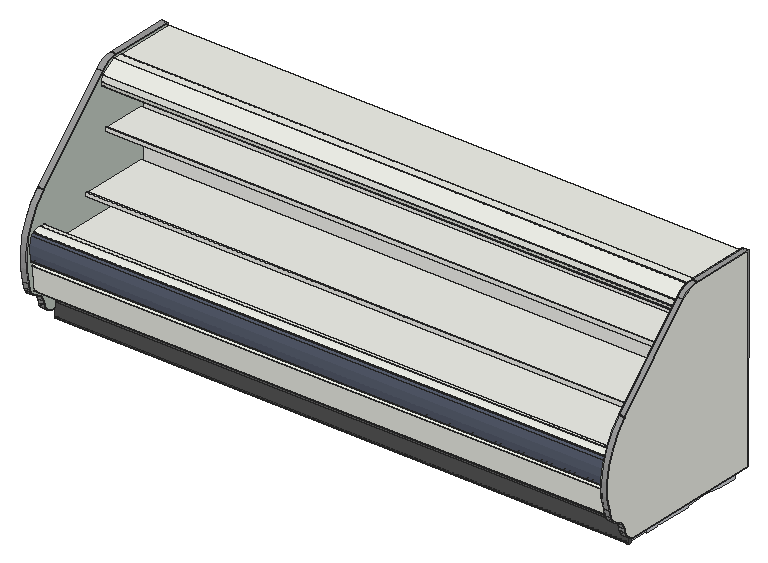
Revit family "IC2SM_2014", category Specialty Equipment, Revit 2014 (continued)
Automatic sketch dimensions
  Extrusion 4 sketch curve to Extrusion 4 sketch curve = 0.12203"
  plane 3 "Top" to Extrusion 4 sketch curve = 3.62416"
  Extrusion 4 sketch curve to Extrusion 4 sketch curve = 0.24817"
  plane 3 "Top" to Extrusion 4 sketch curve = 4.89284"
  Extrusion 4 sketch curve to Extrusion 4 sketch curve = 0.20362"
  Extrusion 4 sketch curve to Extrusion 4 sketch curve = 0.0855"
  plane 3 "Top" to Extrusion 4 sketch curve = 4.91573"
  Extrusion 4 sketch curve to Extrusion 4 sketch curve = 0.05142"  (x2)
  Extrusion 4 sketch curve to Extrusion 4 sketch curve = 0.62197"
  Extrusion 4 sketch curve to Extrusion 4 sketch curve = 0.3006"
  plane 3 "Top" to Extrusion 4 sketch curve = 2.24501"
  plane 3 "Top" to Extrusion 4 sketch curve = 4.77935"
  plane 3 "Top" to Extrusion 4 sketch curve = 2.32038"
  Extrusion 4 sketch curve to Extrusion 4 sketch curve = 0.05328"
  plane 3 "Top" to Extrusion 4 sketch curve = 4.69652"
  Extrusion 4 sketch curve to Extrusion 4 sketch curve = 0.06924"
  Extrusion 4 sketch curve to Extrusion 4 sketch curve = 0.688"
  plane 3 "Top" to Extrusion 4 sketch curve = 3.68959"
  Extrusion 4 sketch curve to Extrusion 4 sketch curve = 0.12066"
  plane 3 "Top" to Extrusion 4 sketch curve = 3.63004"
  Extrusion 4 sketch curve to Extrusion 4 sketch curve = 0.00036"
  level to Extrusion 4 sketch curve = 5.51819"
  Extrusion 4 sketch curve to Extrusion 4 sketch curve = 0.02509"
  Extrusion 4 sketch curve to Extrusion 4 sketch curve = 0.7945"
  level to Extrusion 4 sketch curve = 5.83535"
  Extrusion 4 sketch curve to Extrusion 4 sketch curve = 0.05809"
  Extrusion 4 sketch curve to Extrusion 4 sketch curve = 0.04809"
  level to Extrusion 4 sketch curve = 5.81977"
  Extrusion 4 sketch curve to Extrusion 4 sketch curve = 0.03451"
  plane 5 "Front" to Extrusion 4 sketch curve = 1.66607"
  Extrusion 4 sketch curve to Extrusion 4 sketch curve = 0.0763"
  Extrusion 4 sketch curve to Extrusion 4 sketch curve = 0.07976"
  Extrusion 4 sketch curve to Extrusion 4 sketch curve = 0.14334"
  Extrusion 4 sketch curve to Extrusion 4 sketch curve = 0.04134"
  Extrusion 4 sketch curve to Extrusion 4 sketch curve = 0.05018"
  Extrusion 4 sketch curve to Extrusion 4 sketch curve = 0.10623"
  Extrusion 4 sketch curve to Extrusion 4 sketch curve = 0.03772"  (x2)
  Extrusion 4 sketch curve to Extrusion 4 sketch curve = 0.0342"  (x2)
  Extrusion 4 sketch curve to Extrusion 4 sketch curve = 0.52554"
  Extrusion 4 sketch curve to Extrusion 4 sketch curve = 0.02942"
  Extrusion 4 sketch curve to Extrusion 4 sketch curve = 0.10044"
  Extrusion 4 sketch curve to Extrusion 4 sketch curve = 4 133/256"
  Extrusion 4 sketch curve to Extrusion 4 sketch curve = 0.04066"
  Extrusion 4 sketch curve to Extrusion 4 sketch curve = 0.17029"
  Extrusion 4 sketch curve to Extrusion 4 sketch curve = 0.05865"
  Extrusion 4 sketch curve to Extrusion 4 sketch curve = 0.31287"
  Extrusion 4 sketch curve to Extrusion 4 sketch curve = 65/256"
  Extrusion 4 sketch curve to Extrusion 4 sketch curve = 0.0098"
  Extrusion 4 sketch curve to Extrusion 4 sketch curve = 0.43051"
  Extrusion 4 sketch curve to Extrusion 4 sketch curve = 0.49985"
  Extrusion 4 sketch curve to Extrusion 4 sketch curve = 0.03983"
  Extrusion 4 sketch curve to Extrusion 4 sketch curve = 0.62977"
  Extrusion 4 sketch curve to Extrusion 4 sketch curve = 0.06223"  (x2)
  Extrusion 4 sketch curve to Extrusion 4 sketch curve = 0.01348"
  Extrusion 4 sketch curve to Extrusion 4 sketch curve = 0.22534"
  Extrusion 4 sketch curve to Extrusion 4 sketch curve = 0.02382"
  Extrusion 4 sketch curve to Extrusion 4 sketch curve = 0.38016"
  Extrusion 4 sketch curve to Extrusion 4 sketch curve = 0.78909"
  Extrusion 4 sketch curve to Extrusion 4 sketch curve = 0.63549"
  Extrusion 4 sketch curve to Extrusion 4 sketch curve = 0.01586"
  Extrusion 4 sketch curve to Extrusion 4 sketch curve = 0.24992"
  Extrusion 4 sketch curve to Extrusion 4 sketch curve = 0.10079"
  Extrusion 4 sketch curve to Extrusion 4 sketch curve = 0.06216"
  Extrusion 4 sketch curve to Extrusion 4 sketch curve = 0.19894"
  Extrusion 4 sketch curve to Extrusion 4 sketch curve = 0.16495"  (x2)
  Extrusion 4 sketch curve to Extrusion 4 sketch curve = 0.1514"  (x2)
  Extrusion 4 sketch curve to Extrusion 4 sketch curve = 0"  (x2)
  Extrusion 4 sketch curve to Extrusion 4 sketch curve = 3.52792"
  level to Extrusion 4 sketch curve = 1.58082"
  Extrusion 4 sketch curve to Extrusion 4 sketch curve = 1.82053"
  Extrusion 4 sketch curve to Extrusion 4 sketch curve = 0.02089"
  Extrusion 4 sketch curve to Extrusion 4 sketch curve = 0.16362"
  Extrusion 4 sketch curve to Extrusion 4 sketch curve = 0.16483"
  Extrusion 4 sketch curve to Extrusion 4 sketch curve = 0.25004"
  Extrusion 4 sketch curve to Extrusion 4 sketch curve = 0.03165"
  Extrusion 4 sketch curve to Extrusion 4 sketch curve = 0.25736"
  Extrusion 4 sketch curve to Extrusion 4 sketch curve = 0.24791"
  Extrusion 4 sketch curve to Extrusion 4 sketch curve = 0.98434"
  Extrusion 4 sketch curve to Extrusion 4 sketch curve = 0.0003"
  Extrusion 4 sketch curve to Extrusion 4 sketch curve = 0.12566"
  Extrusion 4 sketch curve to Extrusion 4 sketch curve = 0.99165"
  Extrusion 4 sketch curve to Extrusion 4 sketch curve = 0.12659"
  Extrusion 4 sketch curve to Extrusion 4 sketch curve = 0.20152"
  Extrusion 4 sketch curve to Extrusion 4 sketch curve = 0.0444"
  Extrusion 4 sketch curve to plane 11 = 2.1827"
  Extrusion 4 sketch curve to Extrusion 4 sketch curve = 0.17615"
  Extrusion 4 sketch curve to Extrusion 4 sketch curve = 0.07126"
  Extrusion 4 sketch curve to Extrusion 4 sketch curve = 0.01207"
  Extrusion 4 sketch curve to Extrusion 4 sketch curve = 0.02071"
  Extrusion 4 sketch curve to plane 11 = 1.23045"
  Extrusion 4 sketch curve to Extrusion 4 sketch curve = 0.93257"
  Extrusion 4 sketch curve to Extrusion 4 sketch curve = 0.05055"
  Extrusion 4 sketch curve to Extrusion 4 sketch curve = 0.05165"
  Extrusion 4 sketch curve to Extrusion 4 sketch curve = 0.04002"
  Extrusion 4 sketch curve to plane 11 = 1.07538"
  Extrusion 4 sketch curve to Extrusion 4 sketch curve = 0.91765"
  Extrusion 4 sketch curve to Extrusion 4 sketch curve = 0.01054"
  Extrusion 4 sketch curve to Extrusion 4 sketch curve = 0.0715"
  Extrusion 4 sketch curve to Extrusion 4 sketch curve = 0.07124"
  Extrusion 4 sketch curve to Extrusion 4 sketch curve = 0.05122"
  Extrusion 4 sketch curve to Extrusion 4 sketch curve = 0.00875"
  Extrusion 4 sketch curve to Extrusion 4 sketch curve = 0.01422"
  Extrusion 4 sketch curve to Extrusion 4 sketch curve = 0.00443"
  Extrusion 4 sketch curve to Extrusion 4 sketch curve = 0.00175"
  Extrusion 4 sketch curve to Extrusion 4 sketch curve = 0.1146"
  Extrusion 4 sketch curve to Extrusion 4 sketch curve = 0.02599"
  Extrusion 4 sketch curve to Extrusion 4 sketch curve = 0.04966"
  Extrusion 4 sketch curve to Extrusion 4 sketch curve = 1.99295"
  Extrusion 4 sketch curve to Extrusion 4 sketch curve = 1.03953"
  Extrusion 4 sketch curve to Extrusion 4 sketch curve = 0.87761"
  plane 5 "Front" to Extrusion 4 sketch curve = 1.4312"
  Extrusion 4 sketch curve to Extrusion 4 sketch curve = 1.70109"
  Extrusion 4 sketch curve to plane 11 = 8.62041"
  Extrusion 4 sketch curve to Extrusion 4 sketch curve = 0.7215"
  Extrusion 4 sketch curve to Extrusion 4 sketch curve = 1.41005"
  Extrusion 4 sketch curve to Extrusion 4 sketch curve = 1.75465"
  Extrusion 4 sketch curve to Extrusion 4 sketch curve = 4.08212"
  Extrusion 4 sketch curve to Extrusion 4 sketch curve = 5.85128"
  Extrusion 4 sketch curve to Extrusion 4 sketch curve = 10.54141"
  Extrusion 4 sketch curve to Extrusion 4 sketch curve = 3.13344"
  Extrusion 4 sketch curve to Extrusion 4 sketch curve = 4.67642"
  Extrusion 4 sketch curve to Extrusion 4 sketch curve = 1.17848"
  Extrusion 4 sketch curve to Extrusion 4 sketch curve = 0.46135"
  Extrusion 5 sketch curve to Extrusion 5 sketch curve = 0.60971"
  Extrusion 5 sketch curve to Extrusion 5 sketch curve = 0.22534"
  Extrusion 5 sketch curve to Extrusion 5 sketch curve = 0.38016"
  Extrusion 5 sketch curve to Extrusion 5 sketch curve = 65/128"
  Extrusion 5 sketch curve to Extrusion 5 sketch curve = 0.56385"
  Extrusion 5 sketch curve to Extrusion 5 sketch curve = 7.89549"
  Extrusion 5 sketch curve to plane 11 = 8.24307"
  Extrusion 5 sketch curve to Extrusion 5 sketch curve = 2.25476"
Nested families (in)
  nested 1: "Shelf" at (0, -7.8816, 19.25), visible <- "Shelf", type "Bottom Shelf"
    with Width 144 1/2", Depth 18"
  nested 2: "Shelf" at (0, -7.8816, 31.25), visible <- "Shelf", type "Top Shelf"
    with Width 144 1/2", Depth 12"
  nested 3: "Light" at (-5.05699, -16.27359, -28.75), visible <- "Shelf Lights", type "Light"
    with Length 144 1/2"
  nested 4: "Floor Support-Side Skid-IC2SM" at (-79.33203, 0, 0), type "Floor Support-Side Skid"
  nested 5: "Floor Support-Skid-IC2SM" at (-7.08203, 0, 0), visible <- "8 Case", type "Floor Support-Skid"
  nested 6: "Floor Support-Side Skid-IC2SM" at (69.21806, 0, 0) x (-1, 0, 0) z (0, 0, 1), type "Floor Support-Side Skid"
  nested 7: "Floor Support-Skid-IC2SM" at (-31.08203, 0, 0), visible <- "12 Case", type "Floor Support-Skid"
  nested 8: "Floor Support-Skid-IC2SM" at (20.96806, 0, 0) x (-1, 0, 0) z (0, 0, 1), visible <- "12 Case", type "Floor Support-Skid"
  nested 9: "Floor Support-Skid-IC2SM" at (-7.08203, 0, 0), visible <- "6 Case", type "Floor Support-Skid"
  nested 10: "Light" at (-5.05699, -10.27359, -16.75), visible <- "Shelf Lights", type "Light"
    with Length 144 1/2"
  nested 11: "Light" at (-5.05699, -9.77817, -6.31658), type "Light"
    with Length 144 1/2"
Connectors (in)
  piping at (-4.80699, -33.5, 0), diameter 1.25, driven by "Waste Drain"
    settings: on Extrusion 1, index 8, connector inside diameter 1 1/4", connector length 0", flow factor 0, pipe flow 0 GPM, pressure drop 0.00 psi, fitting loss kfactor 0, connector angle 0.00°, fixture units 0, engagement length 0", angle of deflection 0.00°, flow configuration 0, flow direction 0, fitting loss method 0, system type 16, joint type 0, gender type 0, connector reference index -1, connector utility 0, adjustable connector no, is connector primary yes, connector description "1 1/4\""
  piping at (58.38051, -28.75, 0), diameter 0.625, driven by "Refrig. Suction", driven by "Refrigeration Lines Suction"
    settings: on Extrusion 2, index 9, connector inside diameter 7/8", connector length 0", flow factor 0, pipe flow 0 GPM, pressure drop 0.00 psi, fitting loss kfactor 0, connector angle 0.00°, fixture units 0, engagement length 0", angle of deflection 0.00°, flow configuration 0, flow direction 2, fitting loss method 0, system type 22, joint type 0, gender type 0, connector reference index -1, connector utility 0, adjustable connector no, is connector primary no, connector description "Suction"
  piping at (58.88051, -28.75, 0), diameter 0.375, driven by "Refrig. Liquid", driven by "Refrigeration Lines Liquid"
    settings: on Extrusion 3, index 10, connector inside diameter 3/8", connector length 0", flow factor 0, pipe flow 0 GPM, pressure drop 0.00 psi, fitting loss kfactor 0, connector angle 0.00°, fixture units 0, engagement length 0", angle of deflection 0.00°, flow configuration 0, flow direction 1, fitting loss method 0, system type 22, joint type 0, gender type 0, connector reference index -1, connector utility 0, adjustable connector no, is connector primary no, connector description "Liquid"
Definition of nested family "Shelf"
  Parameters (values of type "Shelf")
    Width = 24"
    URL = "www.hussmann.com"
    Type Comments = "Shelf"
    Shelves = Sheet Metal (Steel Painted) - 700 Interior White
    Model = ""
    Manufacturer = "Hussmann Corporation"
    Height = 5"
    Description = ""
    Depth = 20"
    Assembly Code = ""
    Accessories/Options = ""
  Reference planes (in)
    plane 1 "Back": y = 0
    plane 2 "Bottom": z = 0
    plane 3 "Left": x = -77.30699
    plane 4 "Right": x = -53.30699
    plane 5 "Front": y = -20
    plane 6 "Center (Left/Right)": x = -65.30699
    plane 7: z = 5
  Forms (in)
    Extrusion 1, solid, material "Sheet Metal (Steel Painted) - 700 Interior White" <- "Shelves"
      sketch origin (-77.30699, 7.75, -64.26162) x (0, 1, 0) y (0, 0, 1)
        loop
          line (-7.75, 64.26162) -> (-7.75, 68.01162) -> (-8.5, 68.01162) -> (-8.5, 69.01162) -> (-27.5, 69.01162) -> (-27.5, 69.26162) -> (-27.75, 69.26162) -> (-27.75, 68.26162) -> (-27.5, 68.26162) -> (-27.5, 68.76162) -> (-26, 68.76162) -> (-26, 68.51162) -> (-13.81963, 68.51162) -> (-7.75, 64.26162)
      from 0 to 24
  Dimensions and locks (in)
    "Width": plane 4 "Right" to plane 3 "Left"
    equal spacing: plane 4 "Right", plane 6 "Center (Left/Right)", plane 3 "Left"
    "Depth": plane 1 "Back" to plane 5 "Front"
    "Height": level to plane 7
    aligned and locked: Extrusion 1 to plane 3 "Left"
    aligned and locked: plane 4 "Right" to Extrusion 1
  Automatic sketch dimensions
    Extrusion 1 sketch curve to plane 5 "Front" = 0"
    Extrusion 1 sketch curve to plane 1 "Back" = 0"
    plane 5 "Front" to Extrusion 1 sketch curve = 1/4"  (x2)
    Extrusion 1 sketch curve to Extrusion 1 sketch curve = 1 1/2"
    plane 1 "Back" to Extrusion 1 sketch curve = 6.06963"
    plane 1 "Back" to Extrusion 1 sketch curve = 3/4"
    Extrusion 1 sketch curve to Extrusion 1 sketch curve = 3 3/4"
    Extrusion 1 sketch curve to Extrusion 1 sketch curve = 1/2"  (x2)
    Extrusion 1 sketch curve to Extrusion 1 sketch curve = 1"
    Extrusion 1 sketch curve to Extrusion 1 sketch curve = 1/4"
    Extrusion 1 sketch curve to Extrusion 1 sketch curve = 3/4"
    Extrusion 1 sketch curve to level = 0"
Definition of nested family "Floor Support-Side Skid-IC2SM"
  Parameters (values of type "Floor Support-Skid")
    Width = 8 69/128"
    URL = "www.hussmann.com"
    Type Comments = ""
    Revit Family Date = "11/19/2015"  # constant formula
    Model = ""
    Manufacturer = "Hussmann Corporation"
    Height = 10.26407"
    Floor Support = none
    Description = ""
    Depth = 35.02835"
    Assembly Code = ""
    Accessories/Options = ""
  Reference planes (in)
    plane 1 "Back": y = 0
    plane 2 "Bottom": z = 0
    plane 3 "Top": z = 10.26407
    plane 4 "Right": x = 6.29458
    plane 5 "Front": y = -35.02835
    plane 6 "Center (Left/Right)": x = 2.02504
  Forms (in)
    Extrusion 1, solid
      sketch origin (0, 0, 0) x (1, 0, 0) y (0, 1, 0)
        loop
          line (6.2427, -0.35106) -> (5.61346, -0.35106)
          spline (5.61346, -0.35106) -> (5.60467, -0.35154) -> (5.59595, -0.35077) -> (5.58749, -0.34877) -> (5.57945, -0.3456) -> (5.572, -0.3413) -> (5.56527, -0.33596) -> (5.5594, -0.32969) -> (5.55452, -0.32262) -> (5.55071, -0.31489) -> (5.54806, -0.30664) -> (5.54661, -0.29805) -> (5.5464, -0.28928)
          line (5.5464, -0.28928) -> (5.5511, -0.1881)
          spline (5.5511, -0.1881) -> (5.55064, -0.16354) -> (5.54698, -0.1394) -> (5.54017, -0.1161) -> (5.53035, -0.09404) -> (5.51767, -0.07358) -> (5.50235, -0.05508) -> (5.48466, -0.03886) -> (5.4649, -0.02519) -> (5.44339, -0.01431) -> (5.42052, -0.00641) -> (5.39668, -0.00161) -> (5.37226, 0)
          line (5.37226, 0) -> (2.02504, 0) -> (2.02504, -30.00158) -> (2.4234, -30.00158) -> (2.4234, -34.87231) -> (2.57945, -34.87231) -> (2.57945, -35.02528) -> (4.66388, -35.02528) -> (4.66388, -34.87231) -> (4.81992, -34.87231) -> (4.81992, -29.95052)
          arc (4.81992, -29.95052) -> (5.61912, -29.41396) -> (5.92788, -28.5022) r 1.5006
          line (5.92788, -28.5022) -> (5.92843, -23.36772)
          spline (5.92843, -23.36772) -> (5.93056, -23.33509) -> (5.93693, -23.30304) -> (5.94743, -23.27209) -> (5.96187, -23.24279) -> (5.98001, -23.21563) -> (6.00154, -23.19108) -> (6.02609, -23.16955) -> (6.05325, -23.15141) -> (6.08256, -23.13697) -> (6.1135, -23.12647) -> (6.14556, -23.1201) -> (6.17818, -23.11797)
          line (6.17818, -23.11797) -> (7.49155, -23.11797)
          spline (7.49155, -23.11797) -> (7.55681, -23.1137) -> (7.62092, -23.10096) -> (7.68281, -23.07997) -> (7.74141, -23.05109) -> (7.79573, -23.01481) -> (7.84484, -22.97175) -> (7.8879, -22.92264) -> (7.92418, -22.86832) -> (7.95307, -22.80972) -> (7.97405, -22.74783) -> (7.98679, -22.68371) -> (7.99106, -22.61846)
          line (7.99106, -22.61846) -> (7.99106, -21.6167)
          spline (7.99106, -21.6167) -> (7.98679, -21.55145) -> (7.97405, -21.48733) -> (7.95307, -21.42544) -> (7.92418, -21.36684) -> (7.8879, -21.31252) -> (7.84484, -21.26341) -> (7.79573, -21.22035) -> (7.74141, -21.18407) -> (7.68281, -21.15519) -> (7.62092, -21.1342) -> (7.55681, -21.12146) -> (7.49155, -21.11719)
          line (7.49155, -21.11719) -> (6.17818, -21.11719)
          spline (6.17818, -21.11719) -> (6.14556, -21.11506) -> (6.1135, -21.10869) -> (6.08256, -21.09819) -> (6.05325, -21.08375) -> (6.02609, -21.06561) -> (6.00154, -21.04408) -> (5.98001, -21.01953) -> (5.96187, -20.99237) -> (5.94743, -20.96307) -> (5.93693, -20.93212) -> (5.93056, -20.90006) -> (5.92843, -20.86744)
          line (5.92843, -20.86744) -> (5.92843, -10.79985)
          spline (5.92843, -10.79985) -> (5.93056, -10.76722) -> (5.93693, -10.73516) -> (5.94743, -10.70422) -> (5.96187, -10.67492) -> (5.98001, -10.64776) -> (6.00154, -10.6232) -> (6.02609, -10.60167) -> (6.05325, -10.58353) -> (6.08256, -10.56909) -> (6.1135, -10.5586) -> (6.14556, -10.55223) -> (6.17818, -10.55009)
          line (6.17818, -10.55009) -> (7.49155, -10.55009)
          spline (7.49155, -10.55009) -> (7.55681, -10.54582) -> (7.62092, -10.53308) -> (7.68281, -10.5121) -> (7.74141, -10.48322) -> (7.79573, -10.44693) -> (7.84484, -10.40387) -> (7.8879, -10.35476) -> (7.92418, -10.30044) -> (7.95307, -10.24184) -> (7.97405, -10.17995) -> (7.98679, -10.11584) -> (7.99106, -10.05058)
          line (7.99106, -10.05058) -> (7.99106, -9.04882)
          spline (7.99106, -9.04882) -> (7.98679, -8.98357) -> (7.97405, -8.91946) -> (7.95307, -8.85757) -> (7.92418, -8.79896) -> (7.8879, -8.74465) -> (7.84484, -8.69554) -> (7.79573, -8.65247) -> (7.74141, -8.61619) -> (7.68281, -8.58731) -> (7.62092, -8.56632) -> (7.55681, -8.55359) -> (7.49155, -8.54932)
          line (7.49155, -8.54932) -> (6.18249, -8.54932)
          arc (6.18249, -8.54932) -> (6.0282, -8.49852) -> (5.93426, -8.36599) r 0.25973
          line (5.93426, -8.36599) -> (6.30377, -0.41601)
          spline (6.30377, -0.41601) -> (6.30361, -0.4077) -> (6.30234, -0.3995) -> (6.29999, -0.39156) -> (6.29661, -0.38402) -> (6.29225, -0.37701) -> (6.28699, -0.37067) -> (6.28093, -0.36509) -> (6.27417, -0.36039) -> (6.26683, -0.35664) -> (6.25905, -0.35392) -> (6.25096, -0.35226) -> (6.2427, -0.35106)
      from 0 to 10.26407
    Extrusion 2, void
      sketch origin (2.02504, 0, 0) x (0, 1, 0) y (0, 0, 1)
        loop
          line (-29.18397, 5.56503) -> (-8.50716, 5.56503) -> (0, 10.08456) -> (0, 10.26407) -> (-35.02528, 10.26407) -> (-35.02528, 1.08698) -> (-27.78996, 2.76906) -> (-26.7357, 2.76906) -> (-26.85079, 4.08456)
          arc (-26.85079, 4.08456) -> (-26.88112, 4.17154) -> (-26.94923, 4.23357) r 0.18744
          line (-26.94923, 4.23357) -> (-29.18397, 5.42681) -> (-29.18397, 5.56503)
      from -12.58447 to 12.58363
    Extrusion 3, void
      sketch origin (2.02504, 0, 0) x (0, 1, 0) y (0, 0, 1)
        loop
          line (-2.69879, 0) -> (0, 0) -> (0, 6.29404) -> (-2.26929, 4.02442)
          arc (-2.26929, 4.02442) -> (-2.30939, 3.96496) -> (-2.3243, 3.89481) r 0.18794
          line (-2.3243, 3.89481) -> (-2.32858, 3.6497) -> (-2.33112, 3.50443) -> (-2.33533, 3.26291) -> (-2.33949, 3.02455) -> (-2.38694, 0.30646)
          arc (-2.38694, 0.30646) -> (-2.48018, 0.08944) -> (-2.69879, 0) r 0.3119
      from -12.58447 to 12.58363
    Extrusion 4, void
      sketch origin (2.02504, 0, 0) x (0, 1, 0) y (0, 0, 1)
        loop
          line (-17.28342, 0) -> (-7.07945, 0)
          arc (-7.07945, 0) -> (-7.199, 0.02378) -> (-7.30035, 0.0915) r 0.3124
          line (-7.30035, 0.0915) -> (-7.41444, 0.20559)
          arc (-7.41444, 0.20559) -> (-7.45626, 0.23672) -> (-7.50525, 0.25454) r 0.17979
          arc (-7.50525, 0.25454) -> (-12.18143, 0.73178) -> (-16.85761, 0.25454) r 23.14851
          arc (-16.85761, 0.25454) -> (-16.90661, 0.23672) -> (-16.94843, 0.20559) r 0.17979
          line (-16.94843, 0.20559) -> (-17.06252, 0.0915)
          arc (-17.06252, 0.0915) -> (-17.16387, 0.02378) -> (-17.28342, 0) r 0.3124
      from -12.58447 to 12.58363
    Extrusion 5, void
      sketch origin (2.02504, 0, 0) x (0, 1, 0) y (0, 0, 1)
        loop
          line (-26.93283, 0.16782) -> (-26.93283, 0) -> (-25.52532, 0)
          arc (-25.52532, 0) -> (-25.68723, 0.04523) -> (-25.80225, 0.16782) r 0.3124
          line (-25.80225, 0.16782) -> (-26.93283, 0.16782)
      from -12.58447 to 12.58363
  Cuts and joins
    Extrusion 2, Extrusion 3, Extrusion 4, Extrusion 5 cuts Extrusion 1
  Dimensions and locks (in)
    plane 6 "Center (Left/Right)" to plane 4 "Right" = 4 69/256"
    "Depth": plane 5 "Front" to plane 1 "Back"
    "Height": plane 3 "Top" to level
    aligned and locked: Extrusion 1 to plane 3 "Top"
    aligned and locked: Extrusion 1 to level
  Automatic sketch dimensions
    plane 3 "Top" to Extrusion 2 sketch curve = 0"
    Extrusion 2 sketch curve to plane 1 "Back" = 0"
    plane 1 "Back" to Extrusion 2 sketch curve = 8.50716"
    level to Extrusion 2 sketch curve = 4.08456"
    plane 5 "Front" to Extrusion 2 sketch curve = 8.17757"
    level to Extrusion 2 sketch curve = 4.23357"
    Extrusion 2 sketch curve to Extrusion 2 sketch curve = 0.09844"
    Extrusion 2 sketch curve to Extrusion 2 sketch curve = 0.08829"
    level to Extrusion 2 sketch curve = 2.76906"
    Extrusion 2 sketch curve to Extrusion 2 sketch curve = 0.75244"
    Extrusion 2 sketch curve to Extrusion 2 sketch curve = 0.17952"
    Extrusion 2 sketch curve to Extrusion 2 sketch curve = 0.11509"
    Extrusion 2 sketch curve to Extrusion 2 sketch curve = 2.23474"
    level to Extrusion 2 sketch curve = 1.08698"
    Extrusion 2 sketch curve to Extrusion 2 sketch curve = 1.19324"
    Extrusion 2 sketch curve to Extrusion 2 sketch curve = 0.13822"
    plane 5 "Front" to Extrusion 2 sketch curve = 0.00307"
    plane 1 "Back" to Extrusion 3 sketch curve = 2.69879"
    Extrusion 3 sketch curve to Extrusion 3 sketch curve = 0.31186"
    level to Extrusion 3 sketch curve = 3.02455"
    plane 1 "Back" to Extrusion 3 sketch curve = 2.33949"
    level to Extrusion 3 sketch curve = 3.26291"
    Extrusion 3 sketch curve to Extrusion 3 sketch curve = 0.00416"
    level to Extrusion 3 sketch curve = 3.50443"
    Extrusion 3 sketch curve to Extrusion 3 sketch curve = 0.00422"
    level to Extrusion 3 sketch curve = 3.6497"
    Extrusion 3 sketch curve to Extrusion 3 sketch curve = 0.00254"
    level to Extrusion 3 sketch curve = 3.89481"
    Extrusion 3 sketch curve to Extrusion 3 sketch curve = 0.00428"
    Extrusion 3 sketch curve to Extrusion 3 sketch curve = 0.05501"
    Extrusion 3 sketch curve to Extrusion 3 sketch curve = 0.18791"
    Extrusion 3 sketch curve to plane 1 "Back" = 0"
    Extrusion 3 sketch curve to level = 0"
    Extrusion 3 sketch curve to Extrusion 3 sketch curve = 0.30646"
    Extrusion 3 sketch curve to Extrusion 3 sketch curve = 0.3119"
    Extrusion 3 sketch curve to Extrusion 3 sketch curve = 0.00328"
    level to Extrusion 3 sketch curve = 6.29404"
    Extrusion 3 sketch curve to Extrusion 3 sketch curve = 0"
    Extrusion 4 sketch curve to Extrusion 4 sketch curve = 0.2209"  (x2)
    Extrusion 4 sketch curve to Extrusion 4 sketch curve = 0.11409"  (x4)
    Extrusion 4 sketch curve to Extrusion 4 sketch curve = 0.12713"  (x4)
    plane 5 "Front" to Extrusion 4 sketch curve = 22.84692"
    Extrusion 4 sketch curve to Extrusion 4 sketch curve = 9.27972"
    level to Extrusion 4 sketch curve = 0.3124"
    Extrusion 4 sketch curve to Extrusion 4 sketch curve = 0.10681"  (x2)
    Extrusion 4 sketch curve to Extrusion 4 sketch curve = 22.49519"
    Extrusion 4 sketch curve to Extrusion 4 sketch curve = 0"  (x4)
    Extrusion 4 sketch curve to level = 0"
    plane 1 "Back" to Extrusion 4 sketch curve = 16.82129"
    plane 5 "Front" to Extrusion 5 sketch curve = 8.09553"
    Extrusion 5 sketch curve to Extrusion 5 sketch curve = 1.13057"
    Extrusion 5 sketch curve to Extrusion 5 sketch curve = 0.27693"
    Extrusion 5 sketch curve to level = 0"
    Extrusion 5 sketch curve to Extrusion 5 sketch curve = 0.16782"
    Extrusion 5 sketch curve to Extrusion 5 sketch curve = 0.3124"
    Extrusion 5 sketch curve to Extrusion 5 sketch curve = 0"
    Extrusion 1 sketch curve to plane 6 "Center (Left/Right)" = 0"
    plane 1 "Back" to Extrusion 1 sketch curve = 0"
    Extrusion 1 sketch curve to Extrusion 1 sketch curve = 0.39836"
    Extrusion 1 sketch curve to Extrusion 1 sketch curve = 0.15604"  (x2)
    Extrusion 1 sketch curve to plane 4 "Right" = 1.8673"
    plane 5 "Front" to Extrusion 1 sketch curve = 0.15604"  (x2)
    Extrusion 1 sketch curve to plane 4 "Right" = 1.6307"
    Extrusion 1 sketch curve to plane 4 "Right" = 0.92232"
    plane 1 "Back" to Extrusion 1 sketch curve = 0.28928"
    Extrusion 1 sketch curve to Extrusion 1 sketch curve = 0.17414"
    plane 1 "Back" to Extrusion 1 sketch curve = 0.1881"
    Extrusion 1 sketch curve to Extrusion 1 sketch curve = 0.0047"
    Extrusion 1 sketch curve to Extrusion 1 sketch curve = 0.06706"
    Extrusion 1 sketch curve to plane 4 "Right" = 0.36615"  (x2)
    Extrusion 1 sketch curve to plane 4 "Right" = 0.11639"  (x3)
    Extrusion 1 sketch curve to plane 4 "Right" = 0.11208"
    plane 4 "Right" to Extrusion 1 sketch curve = 0.0092"
    plane 4 "Right" to Extrusion 1 sketch curve = 1.19698"  (x4)
    Extrusion 1 sketch curve to Extrusion 1 sketch curve = 0.49951"  (x6)
    plane 5 "Front" to Extrusion 1 sketch curve = 0.00307"
    Extrusion 1 sketch curve to Extrusion 1 sketch curve = 4.87073"
    Extrusion 1 sketch curve to Extrusion 1 sketch curve = 0.05106"
    Extrusion 1 sketch curve to Extrusion 1 sketch curve = 1.44832"
    Extrusion 1 sketch curve to Extrusion 1 sketch curve = 5.13448"
    Extrusion 1 sketch curve to Extrusion 1 sketch curve = 0.24975"  (x3)
    Extrusion 1 sketch curve to Extrusion 1 sketch curve = 1.00176"  (x2)
    Extrusion 1 sketch curve to Extrusion 1 sketch curve = 10.06759"
    Extrusion 1 sketch curve to Extrusion 1 sketch curve = 0.25973"
    plane 1 "Back" to Extrusion 1 sketch curve = 0.41601"
    Extrusion 1 sketch curve to Extrusion 1 sketch curve = 0.06179"
    Extrusion 1 sketch curve to Extrusion 1 sketch curve = 0.31696"
    Extrusion 1 sketch curve to Extrusion 1 sketch curve = 0.1878"
    Extrusion 1 sketch curve to Extrusion 1 sketch curve = 0.00479"
    Extrusion 1 sketch curve to Extrusion 1 sketch curve = 0.04521"
    Extrusion 1 sketch curve to Extrusion 1 sketch curve = 0.24823"
    Extrusion 1 sketch curve to plane 4 "Right" = 0.11571"  (x3)
    Extrusion 1 sketch curve to plane 4 "Right" = 0.09056"
    Extrusion 1 sketch curve to plane 4 "Right" = 0.05279"
    Extrusion 1 sketch curve to plane 4 "Right" = 0.05187"
    Extrusion 1 sketch curve to Extrusion 1 sketch curve = 0"  (x4)
    plane 4 "Right" to Extrusion 1 sketch curve = 0.06162"  (x3)
    plane 4 "Right" to Extrusion 1 sketch curve = 0.84094"  (x2)
    Extrusion 1 sketch curve to Extrusion 1 sketch curve = 0.00137"  (x3)
    Extrusion 1 sketch curve to Extrusion 1 sketch curve = 0.50088"
    Extrusion 1 sketch curve to Extrusion 1 sketch curve = 0.04801"
Definition of nested family "Floor Support-Skid-IC2SM"
  Parameters (values of type "Floor Support-Skid")
    Width = 8 69/128"
    URL = "www.hussmann.com"
    Type Comments = ""
    Revit Family Date = "11/19/2015"  # constant formula
    Model = ""
    Manufacturer = "Hussmann Corporation"
    Height = 10.26407"
    Floor Support = none
    Description = ""
    Depth = 35.02835"
    Assembly Code = ""
    Accessories/Options = ""
  Reference planes (in)
    plane 1 "Back": y = 0
    plane 2 "Bottom": z = 0
    plane 3 "Top": z = 10.26407
    plane 4 "Left": x = -2.24449
    plane 5 "Right": x = 6.29458
    plane 6 "Front": y = -35.02835
    plane 7 "Center (Left/Right)": x = 2.02504
  Forms (in)
    Extrusion 1, solid
      sketch origin (0, 0, 0) x (1, 0, 0) y (0, 1, 0)
        loop
          spline (-1.32217, 0) -> (-1.34659, -0.00161) -> (-1.37043, -0.00641) -> (-1.3933, -0.01431) -> (-1.41481, -0.02519) -> (-1.43457, -0.03886) -> (-1.45226, -0.05508) -> (-1.46758, -0.07358) -> (-1.48026, -0.09404) -> (-1.49008, -0.1161) -> (-1.49689, -0.1394) -> (-1.50055, -0.16354) -> (-1.50101, -0.1881)
          line (-1.50101, -0.1881) -> (-1.49631, -0.28928)
          spline (-1.49631, -0.28928) -> (-1.49647, -0.29741) -> (-1.49768, -0.3054) -> (-1.49994, -0.31311) -> (-1.5032, -0.32041) -> (-1.5074, -0.32719) -> (-1.51248, -0.33331) -> (-1.51835, -0.33868) -> (-1.52491, -0.3432) -> (-1.53204, -0.34681) -> (-1.53962, -0.34942) -> (-1.54753, -0.35101) -> (-1.55563, -0.35155)
          line (-1.55563, -0.35155) -> (-2.17664, -0.35155)
          spline (-2.17664, -0.35155) -> (-2.18544, -0.35107) -> (-2.19415, -0.35184) -> (-2.20261, -0.35384) -> (-2.21065, -0.35701) -> (-2.21811, -0.36131) -> (-2.22484, -0.36665) -> (-2.2307, -0.37292) -> (-2.23558, -0.37999) -> (-2.23939, -0.38772) -> (-2.24204, -0.39597) -> (-2.24349, -0.40456) -> (-2.2437, -0.41333)
          line (-2.2437, -0.41333) -> (-1.86829, -8.49024) -> (-1.86829, -28.85762)
          arc (-1.86829, -28.85762) -> (-1.78569, -29.25643) -> (-1.55249, -29.59033) r 1.01143
          arc (-1.55249, -29.59033) -> (-1.07593, -29.89498) -> (-0.52044, -30.00158) r 1.50058
          line (-0.52044, -30.00158) -> (0.82679, -30.00158) -> (0.82679, -34.87231) -> (0.98283, -34.87231) -> (0.98283, -35.02528) -> (3.06726, -35.02528) -> (3.06726, -34.87231) -> (3.2233, -34.87231) -> (3.2233, -30.00158) -> (4.57053, -30.00158)
          arc (4.57053, -30.00158) -> (5.12602, -29.89498) -> (5.60258, -29.59033) r 1.50058
          arc (5.60258, -29.59033) -> (5.83578, -29.25643) -> (5.91838, -28.85762) r 1.01143
          line (5.91838, -28.85762) -> (5.91838, -8.49024) -> (6.29379, -0.41333)
          spline (6.29379, -0.41333) -> (6.29364, -0.4052) -> (6.29242, -0.39721) -> (6.29016, -0.3895) -> (6.28691, -0.3822) -> (6.2827, -0.37542) -> (6.27762, -0.3693) -> (6.27175, -0.36393) -> (6.2652, -0.35941) -> (6.25806, -0.3558) -> (6.25048, -0.35319) -> (6.24257, -0.3516) -> (6.23447, -0.35106)
          line (6.23447, -0.35106) -> (5.61346, -0.35106)
          spline (5.61346, -0.35106) -> (5.60467, -0.35154) -> (5.59595, -0.35077) -> (5.58749, -0.34877) -> (5.57945, -0.3456) -> (5.572, -0.3413) -> (5.56527, -0.33596) -> (5.5594, -0.32969) -> (5.55452, -0.32262) -> (5.55071, -0.31489) -> (5.54806, -0.30664) -> (5.54661, -0.29805) -> (5.5464, -0.28928)
          line (5.5464, -0.28928) -> (5.5511, -0.1881)
          spline (5.5511, -0.1881) -> (5.55064, -0.16354) -> (5.54698, -0.1394) -> (5.54017, -0.1161) -> (5.53035, -0.09404) -> (5.51767, -0.07358) -> (5.50235, -0.05508) -> (5.48466, -0.03886) -> (5.4649, -0.02519) -> (5.44339, -0.01431) -> (5.42052, -0.00641) -> (5.39668, -0.00161) -> (5.37226, 0)
          line (5.37226, 0) -> (-1.32217, 0)
      from 0 to 10.26407
    Extrusion 2, void
      sketch origin (2.02504, 0, 0) x (0, 1, 0) y (0, 0, 1)
        loop
          line (-29.18397, 5.56503) -> (-8.50716, 5.56503) -> (0, 10.08456) -> (0, 10.26407) -> (-35.02528, 10.26407) -> (-35.02528, 1.08698) -> (-27.78996, 2.76906) -> (-26.7357, 2.76906) -> (-26.85079, 4.08456)
          arc (-26.85079, 4.08456) -> (-26.88112, 4.17154) -> (-26.94923, 4.23357) r 0.18744
          line (-26.94923, 4.23357) -> (-29.18397, 5.42681) -> (-29.18397, 5.56503)
      from -12.58447 to 12.58363
    Extrusion 3, void
      sketch origin (2.02504, 0, 0) x (0, 1, 0) y (0, 0, 1)
        loop
          line (-2.69879, 0) -> (0, 0) -> (0, 6.29404) -> (-2.26929, 4.02442)
          arc (-2.26929, 4.02442) -> (-2.30939, 3.96496) -> (-2.3243, 3.89481) r 0.18794
          line (-2.3243, 3.89481) -> (-2.32858, 3.6497) -> (-2.33112, 3.50443) -> (-2.33533, 3.26291) -> (-2.33949, 3.02455) -> (-2.38694, 0.30646)
          arc (-2.38694, 0.30646) -> (-2.48018, 0.08944) -> (-2.69879, 0) r 0.3119
      from -12.58447 to 12.58363
    Extrusion 4, void
      sketch origin (2.02504, 0, 0) x (0, 1, 0) y (0, 0, 1)
        loop
          line (-17.28342, 0) -> (-7.07945, 0)
          arc (-7.07945, 0) -> (-7.199, 0.02378) -> (-7.30035, 0.0915) r 0.3124
          line (-7.30035, 0.0915) -> (-7.41444, 0.20559)
          arc (-7.41444, 0.20559) -> (-7.45626, 0.23672) -> (-7.50525, 0.25454) r 0.17979
          arc (-7.50525, 0.25454) -> (-12.18143, 0.73178) -> (-16.85761, 0.25454) r 23.14851
          arc (-16.85761, 0.25454) -> (-16.90661, 0.23672) -> (-16.94843, 0.20559) r 0.17979
          line (-16.94843, 0.20559) -> (-17.06252, 0.0915)
          arc (-17.06252, 0.0915) -> (-17.16387, 0.02378) -> (-17.28342, 0) r 0.3124
      from -12.58447 to 12.58363
    Extrusion 5, void
      sketch origin (2.02504, 0, 0) x (0, 1, 0) y (0, 0, 1)
        loop
          line (-26.93283, 0.16782) -> (-26.93283, 0) -> (-25.52532, 0)
          arc (-25.52532, 0) -> (-25.68723, 0.04523) -> (-25.80225, 0.16782) r 0.3124
          line (-25.80225, 0.16782) -> (-26.93283, 0.16782)
      from -12.58447 to 12.58363
  Cuts and joins
    Extrusion 2, Extrusion 3, Extrusion 4, Extrusion 5 cuts Extrusion 1
  Dimensions and locks (in)
    equal spacing: plane 4 "Left", plane 7 "Center (Left/Right)", plane 5 "Right"
    "Width": plane 4 "Left" to plane 5 "Right"
    "Depth": plane 6 "Front" to plane 1 "Back"
    "Height": plane 3 "Top" to level
    aligned and locked: Extrusion 1 to plane 3 "Top"
    aligned and locked: Extrusion 1 to level
  Automatic sketch dimensions
    plane 1 "Back" to Extrusion 1 sketch curve = 0"
    plane 4 "Left" to Extrusion 1 sketch curve = 0.00078"
    plane 4 "Left" to Extrusion 1 sketch curve = 0.06784"
    plane 4 "Left" to Extrusion 1 sketch curve = 0.37619"
    plane 1 "Back" to Extrusion 1 sketch curve = 45/128"
    Extrusion 1 sketch curve to Extrusion 1 sketch curve = 0.62101"
    plane 1 "Back" to Extrusion 1 sketch curve = 0.1881"  (x2)
    Extrusion 1 sketch curve to Extrusion 1 sketch curve = 0.05462"
    Extrusion 1 sketch curve to Extrusion 1 sketch curve = 0.05932"
    Extrusion 1 sketch curve to Extrusion 1 sketch curve = 0.17885"
    Extrusion 1 sketch curve to Extrusion 1 sketch curve = 1.01143"
    Extrusion 1 sketch curve to Extrusion 1 sketch curve = 0.33642"  (x2)
    plane 6 "Front" to Extrusion 1 sketch curve = 0.15604"  (x2)
    Extrusion 1 sketch curve to plane 7 "Center (Left/Right)" = 1.19826"
    Extrusion 1 sketch curve to Extrusion 1 sketch curve = 0.15604"  (x2)
    Extrusion 1 sketch curve to plane 5 "Right" = 1.72404"
    Extrusion 1 sketch curve to plane 5 "Right" = 0.92232"
    plane 1 "Back" to Extrusion 1 sketch curve = 0.28928"
    Extrusion 1 sketch curve to Extrusion 1 sketch curve = 0.17414"
    Extrusion 1 sketch curve to Extrusion 1 sketch curve = 0.0047"
    Extrusion 1 sketch curve to Extrusion 1 sketch curve = 0.06706"
    Extrusion 1 sketch curve to plane 5 "Right" = 0.37619"
    Extrusion 1 sketch curve to plane 5 "Right" = 0.0601"
    Extrusion 1 sketch curve to plane 5 "Right" = 0.00078"
    Extrusion 1 sketch curve to Extrusion 1 sketch curve = 4.87073"
    Extrusion 1 sketch curve to Extrusion 1 sketch curve = 0"  (x2)
    Extrusion 1 sketch curve to Extrusion 1 sketch curve = 1.14396"  (x2)
    Extrusion 1 sketch curve to Extrusion 1 sketch curve = 0.00152"  (x2)
    Extrusion 1 sketch curve to Extrusion 1 sketch curve = 0.35509"  (x2)
    Extrusion 1 sketch curve to Extrusion 1 sketch curve = 8.20097"
    plane 1 "Back" to Extrusion 1 sketch curve = 0.41333"
    Extrusion 1 sketch curve to Extrusion 1 sketch curve = 0.06179"
    Extrusion 1 sketch curve to Extrusion 1 sketch curve = 0.06227"  (x2)
    Extrusion 1 sketch curve to Extrusion 1 sketch curve = 0.00479"  (x2)
    Extrusion 1 sketch curve to Extrusion 1 sketch curve = 0.04521"  (x2)
    Extrusion 1 sketch curve to Extrusion 1 sketch curve = 0.10747"
    Extrusion 1 sketch curve to Extrusion 1 sketch curve = 0.06226"  (x2)
    Extrusion 1 sketch curve to Extrusion 1 sketch curve = 0.1878"  (x2)
    Extrusion 1 sketch curve to Extrusion 1 sketch curve = 0.13387"
    Extrusion 1 sketch curve to Extrusion 1 sketch curve = 0.31696"
    Extrusion 1 sketch curve to plane 5 "Right" = 0.10825"
    plane 6 "Front" to Extrusion 1 sketch curve = 0.00307"
    plane 7 "Center (Left/Right)" to Extrusion 1 sketch curve = 1.04221"
    plane 3 "Top" to Extrusion 2 sketch curve = 0"
    Extrusion 2 sketch curve to plane 1 "Back" = 0"
    plane 1 "Back" to Extrusion 2 sketch curve = 8.50716"
    level to Extrusion 2 sketch curve = 4.08456"
    plane 6 "Front" to Extrusion 2 sketch curve = 8.17757"
    level to Extrusion 2 sketch curve = 4.23357"
    Extrusion 2 sketch curve to Extrusion 2 sketch curve = 0.09844"
    Extrusion 2 sketch curve to Extrusion 2 sketch curve = 0.08829"
    level to Extrusion 2 sketch curve = 2.76906"
    Extrusion 2 sketch curve to Extrusion 2 sketch curve = 0.75244"
    Extrusion 2 sketch curve to Extrusion 2 sketch curve = 0.17952"
    Extrusion 2 sketch curve to Extrusion 2 sketch curve = 0.11509"
    Extrusion 2 sketch curve to Extrusion 2 sketch curve = 2.23474"
    level to Extrusion 2 sketch curve = 1.08698"
    Extrusion 2 sketch curve to Extrusion 2 sketch curve = 1.19324"
    Extrusion 2 sketch curve to Extrusion 2 sketch curve = 0.13822"
    plane 6 "Front" to Extrusion 2 sketch curve = 0.00307"
    plane 1 "Back" to Extrusion 3 sketch curve = 2.69879"
    Extrusion 3 sketch curve to Extrusion 3 sketch curve = 0.31186"
    level to Extrusion 3 sketch curve = 3.02455"
    plane 1 "Back" to Extrusion 3 sketch curve = 2.33949"
    level to Extrusion 3 sketch curve = 3.26291"
    Extrusion 3 sketch curve to Extrusion 3 sketch curve = 0.00416"
    level to Extrusion 3 sketch curve = 3.50443"
    Extrusion 3 sketch curve to Extrusion 3 sketch curve = 0.00422"
    level to Extrusion 3 sketch curve = 3.6497"
    Extrusion 3 sketch curve to Extrusion 3 sketch curve = 0.00254"
    level to Extrusion 3 sketch curve = 3.89481"
    Extrusion 3 sketch curve to Extrusion 3 sketch curve = 0.00428"
    Extrusion 3 sketch curve to Extrusion 3 sketch curve = 0.05501"
    Extrusion 3 sketch curve to Extrusion 3 sketch curve = 0.18791"
    Extrusion 3 sketch curve to plane 1 "Back" = 0"
    Extrusion 3 sketch curve to level = 0"
    Extrusion 3 sketch curve to Extrusion 3 sketch curve = 0.30646"
    Extrusion 3 sketch curve to Extrusion 3 sketch curve = 0.3119"
    Extrusion 3 sketch curve to Extrusion 3 sketch curve = 0.00328"
    level to Extrusion 3 sketch curve = 6.29404"
    Extrusion 3 sketch curve to Extrusion 3 sketch curve = 0"
    Extrusion 4 sketch curve to Extrusion 4 sketch curve = 0.2209"  (x2)
    Extrusion 4 sketch curve to Extrusion 4 sketch curve = 0.11409"  (x4)
    Extrusion 4 sketch curve to Extrusion 4 sketch curve = 0.12713"  (x4)
    plane 6 "Front" to Extrusion 4 sketch curve = 22.84692"
    Extrusion 4 sketch curve to Extrusion 4 sketch curve = 9.27972"
    level to Extrusion 4 sketch curve = 0.3124"
    Extrusion 4 sketch curve to Extrusion 4 sketch curve = 0.10681"  (x2)
    Extrusion 4 sketch curve to Extrusion 4 sketch curve = 22.49519"
    Extrusion 4 sketch curve to Extrusion 4 sketch curve = 0"  (x4)
    Extrusion 4 sketch curve to level = 0"
    plane 1 "Back" to Extrusion 4 sketch curve = 16.82129"
    plane 6 "Front" to Extrusion 5 sketch curve = 8.09553"
    Extrusion 5 sketch curve to Extrusion 5 sketch curve = 1.13057"
    Extrusion 5 sketch curve to Extrusion 5 sketch curve = 0.27693"
    Extrusion 5 sketch curve to level = 0"
    Extrusion 5 sketch curve to Extrusion 5 sketch curve = 0.16782"
    Extrusion 5 sketch curve to Extrusion 5 sketch curve = 0.3124"
    Extrusion 5 sketch curve to Extrusion 5 sketch curve = 0"
Definition of nested family "Light"
  Parameters (values of type "Light")
    Wattage = 16.1571 W
    built-in parameter 1150110 = 1 (stored number, unit not read)
    built-in parameter 1114217 = 1 (stored number, unit not read)
    built-in parameter 1150109 = 1 (stored number, unit not read)
    built-in parameter 1150134 = (empty or 0)
    built-in parameter 1150113 = 1 (stored number, unit not read)
    Lumens = 2400 lm
    built-in parameter 1150115 = 1 (stored number, unit not read)
    built-in parameter 1150105 = 763.94 (stored number, unit not read)
    Light Source Symbol Size = 24"
    built-in parameter 1150137 = (empty or 0)
    built-in parameter 1150139 = (empty or 0)
    Lense = none
    Length = 145"
    built-in parameter 1150112 = 1 (stored number, unit not read)
    built-in parameter 1150114 = 1 (stored number, unit not read)
    built-in parameter 1150132 = 2
    built-in parameter 1150102 = (empty or 0)
    built-in parameter 1150138 = (empty or 0)
    built-in parameter 1150107 = 6100 (stored number, unit not read)
    built-in parameter 1150106 = 7.6394 (stored number, unit not read)
    Emit from Line Length = Length  # 145"
    built-in parameter 1150104 = 13.8 (stored number, unit not read)
    Dimming Lamp Color Temperature Shift = (empty or 0)
    Color Filter = 16777215
    Casing = none
    built-in parameter 1114218 = 1 (stored number, unit not read)
    built-in parameter 1150133 = 10 (stored number, unit not read)
  Reference planes (in)
    plane 1 "Light Source Axis (F/B)": y = -8.60801
    plane 2: z = 0
    plane 3 "Light Source Axis (L/R)": x = 0
    plane 4 "Light Source Elevation": z = 52.5
    plane 5: z = 0
    plane 6 "Left": x = -72.5
    plane 7 "Right": x = 72.5
  Lines and regions (in)
    model lines
      curve 1: line (-72.5, -8.60801, 52.5) -> (72.5, -8.60801, 52.5)
  Dimensions and locks (in)
    equal spacing: plane 7 "Right", plane 3 "Light Source Axis (L/R)", plane 6 "Left"
    "Length": plane 7 "Right" to plane 6 "Left"
    aligned and locked: plane 3 "Light Source Axis (L/R)" to imposter light
    aligned and locked: plane 1 "Light Source Axis (F/B)" to imposter light
    aligned and locked: plane 4 "Light Source Elevation" to imposter light
    aligned and locked: level to plane 5
  Automatic sketch dimensions
    plane 1 "Light Source Axis (F/B)" to curve 1 = 0"
    curve 1 to plane 6 "Left" = 0"
    curve 1 to plane 7 "Right" = 0"
Types (4): name | Width | Total Weight | Drain Location | Case Weight | 8 Case | 6 Case | 12 Case
  12'-0" Length | 144 1/2" | 1350.00 lbf | 72" | 1200.00 lbf | no | no | yes
  8'-0" Length | 96 1/4" | 1150.00 lbf | 24" | 1000.00 lbf | yes | no | no
  6'-0" Length | 72 1/4" | 950.00 lbf | 24" | 800.00 lbf | no | yes | no
  4'-0" Length | 48 1/8" | 750.00 lbf | 24" | 600.00 lbf | no | no | no
